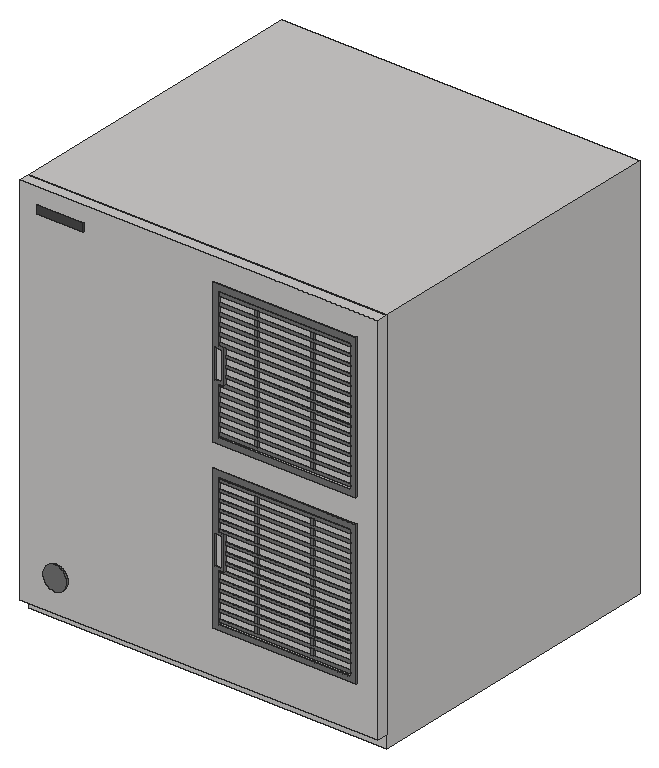
Revit family "QF_MACOM_KM-550MAJ", category Specialty Equipment, Revit 2020
Family settings
  Round Connector Dimension = Use Diameter
  Part Type = Normal
  OmniClass Number = 23.40.40.14.27
  OmniClass Title = Ice Machines
  Work Plane-Based = No
  Always vertical = Yes
  Cut with Voids When Loaded = No
  Shared = No
  Room Calculation Point = No
Parameters (values of type "KM-550MAJ")
  Weight [instance] = 118.00 kg
  Watts [instance] = 2205 W
  Waste Water Discharge Temperature = 0 °C
  Volume = 0.437 m³
  Volts [instance] = 220 V
  URL Recommended Spares List [instance] = ""
  URL Manufacturer [instance] = ""
  URL Cutsheet [instance] = ""
  URL Critical Spares List [instance] = ""
  Storage = "B-362I or B-226I"
  Specification by User [instance] = ""
  Specification by Manufacturer [instance] = ""
  Serial Number [instance] = ""
  Seismic Rating [instance] = ""
  SMACNA No [instance] = ""
  Room Temperature = "0"
  Revision Code [instance] = ""
  Production per Cycle = "960 ice cubes"
  Plumbing Remarks = ""
  Plumbing Connection Type = ""
  Number of Poles = 0
  NAFEM Spec ID Number [instance] = ""
  Model = "KM-550MAJ"
  Min Ckt Ampacity = 0 A
  Max Overcurrent Protection = 0 A
  Item Number [instance] = ""
  Installed By [instance] = ""
  Indirect Waste Size = 3/4"
  Indirect Waste Flow = 0.0 L/s
  Indirect Waste Connection Type = ""
  Indirect Waste Connection Height = 31 mm
  HP = ""
  Furnished By [instance] = ""
  Manufacturer = "MACOM"
  FL Amps = 0 A
  Default Elevation = 0 mm
  Electrical Remarks = ""
  Electric Connection Type = ""
  Elec Conn RI Height = 0 mm
  Description = "MAQUINA DE GELO EM CUBO MACOM, SEM DEPOSITO - 220V 60HZ PL. N"
  Conn Conduit = yes
  Type Comments = ""
  Solid Fuel Type [instance] = ""
  Show Logo [instance] = yes
  Show Clearances [instance] = yes
  Refrigeration Suction Line Size [instance] = 0"
  Refrigeration Liquid Line Size [instance] = 0"
  Refrigeration Evaporation Temperature [instance] = 0 °C
  Refrigeration Energy Efficiency Index [instance] = ""
  Refrigeration Defrost Drain [instance] = yes
  Refrigeration Climate Class [instance] = ""
  Refrigerant Type [instance] = "R404a"
  Refrigerant Mass [instance] = 0
  Refrigerant Flow [instance] = 0.0 L/s
  Refrigerant Compressor Remote [instance] = yes
  Potential Equalisation [instance] = yes
  Phase [instance] = 0
  Operational Current [instance] = 10 A
  Masterspec [instance] = ""
  Length Actual [instance] = 762 mm
  Ingress Protection Code [instance] = ""
  Identify Quantity as Lot [instance] = yes
  Height Actual [instance] = 826 mm
  Gas Connection Height [instance] = 0 mm
  Fuel Type [instance] = ""
  Foodservice Equipment Identifier [instance] = yes
  Elec Conn Connection Height [instance] = 786 mm
  Depth Actual [instance] = 695 mm
  Cycle [instance] = 60 Hz
  Conn Plug [instance] = ""
  Cold Water Temperature Recommended = 0 °C
  Cold Water Size = 1/2"
  Cold Water RI Height = 0 mm
  Cold Water Minimum Pressure = 0.0 Pa
  Cold Water Maximum Pressure = 0.0 Pa
  Cold Water Flow = 0.0 L/s
  Cold Water Consumption = "0"
  Cold Water Connection Height = 775 mm
  CSI MasterFormat [instance] = ""
  CE Approved [instance] = yes
  BTUH [instance] = 15700 Btu/h
  Apparent Power = 0 VA
  Accessory [instance] = yes
Reference planes
  plane 1 "Centro (Frontal/Traseira)": y = 0
  plane 2: z = 0
  plane 3 "Centro (Esquerda/Direita)": x = 0
  plane 4: y = -695
  plane 5: x = 762
Forms (mm)
  Extrusion 1, solid, material "QF_Metal_Stainless Steel"
    sketch origin (0, 0, 0) x (0, 1, 0) y (0, 0, 1)
      loop
        line (0, 826) -> (-671.5, 826) -> (-671.5, 0) -> (0, 0) -> (0, 826)
    from 0 to 762
  Extrusion 2, solid, material "QF_Metal_Stainless Steel"
    sketch origin (0, -671.5, 301.241) x (0, 0, -1) y (1, 0, 0)
      loop
        line (-524.759, 0) -> (275.241, 0) -> (275.241, 762) -> (-524.759, 762) -> (-524.759, 0)
    from 0 to 23.5
  Extrusion 3, solid, material "QF_Finishes_Clearance Wall", detail levels coarse
    sketch origin (0, 0, 826) x (0, -1, 0) y (1, 0, 0)
      loop
        line (695, 762) -> (695, 912) -> (-150, 912) -> (-150, -150) -> (695, -150) -> (695, 0) -> (0, 0) -> (0, 762) -> (695, 762)
    from 0 to -826
  Extrusion 4, solid, material "QF_Finishes_Clearance Wall", detail levels coarse
    sketch origin (0, 0, 826) x (0, -1, 0) y (1, 0, 0)
      loop
        line (-150, -150) -> (695, -150) -> (695, 912) -> (-150, 912) -> (-150, -150)
    from 0 to 150
  Extrusion 5, solid, material "QF_Metal_Stainless Steel"
    sketch origin (0, 0, 291.241) x (0, 0, 1) y (1, 0, 0)
      loop
        circle (494.759, 565) r 9.525
      loop
        circle (483.759, 478) r 6.35
      loop
        circle (-260.241, 132) r 9.525
    from 0 to 6.35
Cuts and joins
  joined: Extrusion 3, Extrusion 4
Lines and regions (mm)
  model lines
    curve 1: line (762, -671.5, 800.6) -> (762, 0, 800.6)
    curve 2: line (762, 0, 800.6) -> (0, 0, 800.6)
    curve 3: line (0, 0, 800.6) -> (0, -671.5, 800.6)
  symbolic lines
    curve 4: line (0, 0, 0) -> (762, 0, 0)
    curve 5: line (0, -695, 0) -> (0, 0, 0)
    curve 6: line (762, -695, 0) -> (0, -695, 0)
    curve 7: line (762, 0, 0) -> (762, -695, 0)
    curve 8: line (0, -671.5, 0) -> (762, -671.5, 0)
Dimensions and locks
  locked: Extrusion 1 sketch curve to Extrusion 1 sketch curve at 671.5
  locked: Extrusion 1 sketch curve to Extrusion 1 sketch curve at 826
  locked: Extrusion 1 to Extrusion 2 sketch curve at 800
  "Depth Actual": plane 1 "Centro (Frontal/Traseira)" to plane 4
  "Height Actual": Extrusion 2 to level
  "Length Actual": Extrusion 2 to plane 3 "Centro (Esquerda/Direita)"
  "Elec Conn Connection Height": level to Extrusion 5 sketch curve
  "Cold Water Connection Height": level to Extrusion 5 sketch curve
  "Indirect Waste Connection Height": level to Extrusion 5 sketch curve
  Extrusion 5 sketch curve to plane 3 "Centro (Esquerda/Direita)" = 132 mm
  Extrusion 5 sketch curve to plane 3 "Centro (Esquerda/Direita)" = 478 mm
  Extrusion 5 sketch curve to plane 5 = 197 mm
  aligned and locked: level to plane 2
  aligned and locked: Extrusion 1 sketch curve to plane 1 "Centro (Frontal/Traseira)"
  aligned and locked: Extrusion 1 sketch curve to plane 2
  aligned and locked: Extrusion 2 sketch curve to Extrusion 1  (x2)
  aligned and locked: Extrusion 2 sketch curve to curve 1
  aligned and locked: plane 4 to Extrusion 2
  aligned and locked: curve 4 to curve 2
  aligned and locked: curve 5 to curve 3
  aligned and locked: curve 6 to Extrusion 2
  aligned and locked: curve 7 to Extrusion 2
  aligned and locked: Extrusion 3 to level
  aligned and locked: Extrusion 4 sketch curve to Extrusion 3  (x3)
  aligned and locked: Extrusion 4 sketch curve to plane 4
  aligned and locked: plane 5 to curve 1
Automatic sketch dimensions
  curve 8 to plane 4 = 23.5 mm
  curve 1 to Extrusion 1 = 0 mm  (x2)
  curve 1 to Extrusion 1 = 25.4 mm
  curve 2 to Extrusion 1 = 0 mm
  Extrusion 1 to curve 2 = 0 mm
  curve 2 to Extrusion 1 = 25.4 mm
  curve 3 to Extrusion 1 = 0 mm  (x2)
  Extrusion 1 to curve 3 = 25.4 mm
  Extrusion 3 sketch curve to Extrusion 1 = 0 mm  (x3)
  Extrusion 3 sketch curve to Extrusion 1 = 150 mm  (x3)
  Extrusion 3 sketch curve to Extrusion 1 = 23.5 mm  (x2)
  radius of Extrusion 5 sketch curve = 9.525 mm  (x2)
  radius of Extrusion 5 sketch curve = 6.35 mm
Nested families
  nested 1: "QF_Hoshizaki_Logo_minor" at (-1142.6, 524.2, 70.204), type "QF_Hoshizaki_Logo_minor"
    with Type Mark "", Status "", Specification by User "", Show Logo yes, Serial Number "", Revision Code "", Item Number "", Installed By "", Identify Quantity as Lot yes, Furnished By "", Foodservice Equipment Identifier yes
  nested 2: "QF_LOGO_HOSHIZAKI 1" at (37, -695, 775.892), type "QF_LOGO_HOSHIZAKI 1"
    with Show Logo yes
  nested 3: "QF_Hoshizaki_Vent" at (563.897, -695, 270.38) x (1, 0, 0) z (0, -1, 0), type "QF_Hoshizaki_Vent"
  nested 4: "QF_Hoshizaki_Vent" at (563.897, -695, 625.98) x (1, 0, 0) z (0, -1, 0), type "QF_Hoshizaki_Vent"
Connectors
  electrical at (565, 6.35, 786), driven by "Volts"
    settings: on Extrusion 5, index 1, voltage 220 V, apparent load 0 VA, apparent load phase1 0 VA, apparent load phase2 0 VA, apparent load phase3 0 VA, power factor 1, load classification "Outro", number of poles 1, system type 30, power factor state 1, is connector primary yes, connector utility no, sub classification motor no, connector description ""
  piping at (478, 6.35, 775), diameter 12.7, driven by "Cold Water Size"
    settings: on Extrusion 5, index 2, connector inside diameter 24", connector length 0 mm, flow factor 0, pipe flow 0.0 L/s, pressure drop 0.0 Pa, fitting loss kfactor 0, connector angle 0.00°, fixture units 0, engagement length 0 mm, angle of deflection 0.00°, flow configuration 0, flow direction 1, fitting loss method 0, system type 7, joint type 0, gender type 0, connector reference index -1, connector utility 0, adjustable connector no, is connector primary yes, connector description ""
  piping at (132, 6.35, 31), diameter 19.05, driven by "Indirect Waste Size"
    settings: on Extrusion 5, index 3, connector inside diameter 24", connector length 0 mm, flow factor 0, pipe flow 0.0 L/s, pressure drop 0.0 Pa, fitting loss kfactor 0, connector angle 0.00°, fixture units 0, engagement length 0 mm, angle of deflection 0.00°, flow configuration 0, flow direction 2, fitting loss method 0, system type 16, joint type 0, gender type 0, connector reference index -1, connector utility 0, adjustable connector no, is connector primary no, connector description ""
Definition of nested family "QF_Hoshizaki_Logo_minor"
  Parameters (values of type "QF_Hoshizaki_Logo_minor")
    Weight in Pounds = 0
    URL Cutsheet = ""
    Type Mark [instance] = ""
    Status [instance] = ""
    Specification by User [instance] = ""
    Specification by Manufacturer = ""
    Show Logo [instance] = yes
    Serial Number [instance] = ""
    Seismic Rating = ""
    SMACNA No = ""
    Revision Code [instance] = ""
    Omniclass Number and Title = ""
    NAFEM Spec ID Number = ""
    MasterSpec. = "11 40 00"
    Item Number [instance] = ""
    Installed By [instance] = ""
    Identify Quantity as Lot [instance] = yes
    Furnished By [instance] = ""
    Foodservice Equipment Identifier [instance] = yes
    Default Elevation = 1219.2 mm
    CSI MasterFormat = "11 40 00"
    Assembly Code = "E1090300"
  Reference planes
    plane 1: z = 0
    plane 2 "Center (Left/Right)": x = 1219.2
    plane 3 "Center (Front/Back)": y = -1219.2
    plane 4: z = 25.4
    plane 5 "L": x = 1193.8
    plane 6 "R": x = 1244.6
  Forms (mm)
    Extrusion 1, solid, visible <- "Show Logo"
      sketch origin (1267.55, -1219.2, 88.736) x (0, 0, -1) y (1, 0, 0)
        loop
          circle (63.336, -48.35) r 25.4
      from 0 to 3.175
  Lines and regions (mm)
    Split face 1
      outline origin (1267.55, -1222.375, 88.736) x (0, 0, -1) y (1, 0, 0)
        loop
          line (74.868, -35.556) -> (60.879, -36.703) -> (55.307, -45.687)
          arc (55.307, -45.687) -> (64.924, -42.365) -> (74.868, -44.516) r 18.88
          line (74.868, -44.516) -> (74.868, -35.556)
    Split face 2
      outline origin (1267.55, -1222.375, 88.736) x (0, 0, -1) y (1, 0, 0)
        loop
          line (62.494, -52.958) -> (58.526, -58.861) -> (61.435, -63.061) -> (63.114, -63.449) -> (68.567, -63.449) -> (74.493, -61.168) -> (77.47, -55.814) -> (74.868, -55.814) -> (62.494, -52.958)
    Split face 3
      outline origin (1267.55, -1222.375, 88.736) x (0, 0, -1) y (1, 0, 0)
        loop
          line (77.268, -44.516) -> (76.58, -45.539) -> (77.552, -47.223) -> (76.427, -47.872) -> (76.925, -49.166) -> (78.325, -49.489) -> (78.325, -44.516) -> (77.268, -44.516)
    Split face 4
      outline origin (1267.55, -1222.375, 88.736) x (0, 0, -1) y (1, 0, 0)
        loop
          line (77.47, -55.814) -> (70.252, -49.758) -> (72.168, -48.652) -> (71.424, -45.877) -> (70.362, -44.814) -> (65.564, -47.584) -> (60.879, -47.584) -> (56.481, -50.123) -> (55.306, -51.298) -> (55.306, -45.687) -> (51.858, -44.891) -> (50.298, -46.451) -> (49.289, -47.46) -> (49.289, -49.006) -> (50.134, -50.469) -> (52.623, -52.958) -> (56.804, -52.958) -> (62.494, -52.958)
    Split face 5
      outline origin (1267.55, -1222.375, 88.736) x (0, 0, -1) y (1, 0, 0)
        loop
          line (77.47, -55.814) -> (76.925, -49.166)
        loop
          arc (76.58, -45.539) -> (75.738, -45.005) -> (74.868, -44.516) r 18.875
    Split face 6
      outline origin (1267.55, -1222.375, 88.736) x (0, 0, -1) y (1, 0, 0)
        loop
          circle (63.336, -48.35) r 20.267
  Dimensions and locks
    aligned and locked: level to plane 1
Definition of nested family "QF_LOGO_HOSHIZAKI 1"
  Parameters (values of type "QF_LOGO_HOSHIZAKI 1")
    Show Logo [instance] = yes
    Default Elevation = 0 mm
  Reference planes
    plane 1 "Center (Front/Back)": y = 0
    plane 2: z = 0
    plane 3 "Center (Left/Right)": x = 0
  Forms (mm)
    Extrusion 1, solid, visible <- "Show Logo"
      sketch origin (407.985, 0, -1855.675) x (1, 0, 0) y (0, 0, 1)
        loop
          line (-407.985, 1872.468) -> (-407.985, 1855.675) -> (-309.899, 1855.675) -> (-309.899, 1872.468) -> (-407.985, 1872.468)
      from 0 to 1.588
    Extrusion 2, solid, not visible
      sketch origin (3085.008, -419.1, 126.552) x (1, 0, 0) y (0, 0, 1)
        loop
          line (640.109, 911.847) -> (640.109, 862.748) -> (786.227, 862.748) -> (786.227, 911.847) -> (640.109, 911.847)
      from 800.1 to 801.182
    Extrusion 3, solid, not visible
      sketch origin (3085.008, -419.1, 126.552) x (1, 0, 0) y (0, 0, 1)
        loop
          line (679.163, 887.85) -> (676.019, 876.116) -> (686.765, 876.116)
          arc (686.765, 876.116) -> (689.132, 876.931) -> (690.495, 879.03) r 3.844
          arc (690.495, 879.03) -> (690.981, 880.907) -> (691.499, 882.775) r 111.081
          arc (691.499, 882.775) -> (691.758, 884.368) -> (691.499, 885.962) r 5.014
          arc (691.499, 885.962) -> (690.435, 887.369) -> (688.737, 887.85) r 2.772
          line (688.737, 887.85) -> (679.163, 887.85)
        loop
          line (683.311, 884.082) -> (681.9, 878.815) -> (683.985, 878.815)
          arc (683.985, 878.815) -> (685.344, 879.31) -> (686.067, 880.562) r 2.114
          line (686.067, 880.562) -> (686.409, 882.504)
          arc (686.409, 882.504) -> (686.179, 883.527) -> (685.288, 884.082) r 1.36
          line (685.288, 884.082) -> (683.311, 884.082)
        loop
          line (697.315, 880.397) -> (705.163, 880.397) -> (705.83, 882.373)
          arc (705.83, 882.373) -> (705.81, 884.438) -> (704.369, 885.917) r 2.775
          arc (704.369, 885.917) -> (703.131, 886.318) -> (701.837, 886.453) r 6.247
          line (701.837, 886.453) -> (697.664, 886.453)
          arc (697.664, 886.453) -> (696.133, 885.971) -> (694.779, 885.108) r 6.149
          arc (694.779, 885.108) -> (693.158, 882.996) -> (692.582, 880.397) r 6.149
          line (692.582, 880.397) -> (692.582, 877.437)
          arc (692.582, 877.437) -> (693.831, 876.188) -> (695.537, 875.731) r 3.412
          line (695.537, 875.731) -> (700.8, 875.731)
          arc (700.8, 875.731) -> (701.919, 875.863) -> (702.976, 876.252) r 4.807
          line (702.976, 876.252) -> (704.368, 879.237)
          arc (704.368, 879.237) -> (703.187, 878.73) -> (701.946, 878.396) r 8.986
          arc (701.946, 878.396) -> (699.995, 878.067) -> (698.044, 878.396) r 5.947
          arc (698.044, 878.396) -> (697.101, 879.186) -> (697.315, 880.397) r 1.229
        loop
          line (698.099, 882.153) -> (701.551, 882.153) -> (701.706, 883.03)
          arc (701.706, 883.03) -> (700.776, 883.982) -> (699.45, 884.082) r 1.885
          arc (699.45, 884.082) -> (698.436, 883.354) -> (698.099, 882.153) r 1.885
        loop
          line (709.07, 888.383) -> (705.783, 876.116) -> (710.856, 876.116) -> (714.143, 888.383) -> (709.07, 888.383)
        loop
          line (714.674, 880.397) -> (713.424, 875.731) -> (718.092, 875.731) -> (719.342, 880.397) -> (722.293, 880.397) -> (723.385, 883.631) -> (720.476, 883.631)
          arc (720.476, 883.631) -> (720.276, 884.339) -> (720.578, 885.009) r 1.075
          arc (720.578, 885.009) -> (722.147, 885.576) -> (723.803, 885.364) r 3.553
          line (723.803, 885.364) -> (724.8, 888.318)
          arc (724.8, 888.318) -> (721.29, 888.77) -> (717.78, 888.318) r 13.855
          arc (717.78, 888.318) -> (716.496, 886.966) -> (715.822, 885.227) r 4.811
          line (715.822, 885.227) -> (715.541, 883.631) -> (714.095, 883.631) -> (713.228, 880.397) -> (714.674, 880.397)
        loop
          arc (730.211, 886.398) -> (727.934, 886.087) -> (725.658, 886.398) r 8.498
          line (725.658, 886.398) -> (722.8, 875.731) -> (727.353, 875.731) -> (730.211, 886.398)
        loop
          arc (726.541, 889.303) -> (725.855, 888.282) -> (726.541, 887.26) r 1.104
          line (726.541, 887.26) -> (730.442, 887.26)
          arc (730.442, 887.26) -> (731.176, 888.158) -> (730.989, 889.303) r 1.412
          line (730.989, 889.303) -> (726.541, 889.303)
        loop
          line (735.415, 880.397) -> (743.263, 880.397) -> (743.93, 882.373)
          arc (743.93, 882.373) -> (743.91, 884.438) -> (742.469, 885.917) r 2.775
          arc (742.469, 885.917) -> (741.231, 886.318) -> (739.937, 886.453) r 6.247
          line (739.937, 886.453) -> (735.764, 886.453)
          arc (735.764, 886.453) -> (734.233, 885.971) -> (732.879, 885.108) r 6.149
          arc (732.879, 885.108) -> (731.258, 882.996) -> (730.682, 880.397) r 6.149
          line (730.682, 880.397) -> (730.682, 877.437)
          arc (730.682, 877.437) -> (731.931, 876.188) -> (733.637, 875.731) r 3.412
          line (733.637, 875.731) -> (738.9, 875.731)
          arc (738.9, 875.731) -> (740.019, 875.863) -> (741.076, 876.252) r 4.807
          line (741.076, 876.252) -> (742.468, 879.237)
          arc (742.468, 879.237) -> (741.287, 878.73) -> (740.046, 878.396) r 8.986
          arc (740.046, 878.396) -> (738.095, 878.067) -> (736.144, 878.396) r 5.947
          arc (736.144, 878.396) -> (735.201, 879.186) -> (735.415, 880.397) r 1.229
        loop
          line (736.199, 882.153) -> (739.651, 882.153) -> (739.806, 883.03)
          arc (739.806, 883.03) -> (738.876, 883.982) -> (737.55, 884.082) r 1.885
          arc (737.55, 884.082) -> (736.536, 883.354) -> (736.199, 882.153) r 1.885
        loop
          line (747.17, 888.383) -> (743.883, 876.116) -> (748.956, 876.116) -> (752.243, 888.383) -> (747.17, 888.383)
        loop
          line (761.958, 888.383) -> (760.779, 883.981)
          arc (760.779, 883.981) -> (760.596, 885.369) -> (759.486, 886.221) r 1.829
          arc (759.486, 886.221) -> (756.926, 886.445) -> (754.444, 885.78) r 7.399
          arc (754.444, 885.78) -> (752.299, 883.036) -> (751.576, 879.629) r 7.73
          line (751.576, 879.629) -> (751.576, 877.715)
          arc (751.576, 877.715) -> (752.113, 876.418) -> (753.411, 875.88) r 1.835
          line (753.411, 875.88) -> (756.548, 875.88)
          arc (756.548, 875.88) -> (757.899, 876.634) -> (759.08, 877.632) r 8.029
          line (759.08, 877.632) -> (758.674, 876.116) -> (763.517, 876.116) -> (766.804, 888.383) -> (761.958, 888.383)
        loop
          arc (758.072, 882.886) -> (756.774, 881.667) -> (756.347, 879.937) r 3.142
          arc (756.347, 879.937) -> (756.938, 878.815) -> (758.204, 878.75) r 1.281
          arc (758.204, 878.75) -> (759.496, 879.868) -> (760.104, 881.464) r 3.497
          arc (760.104, 881.464) -> (759.514, 882.782) -> (758.072, 882.886) r 1.408
        loop
          line (671.842, 895.798) -> (675.186, 895.798)
          arc (675.186, 895.798) -> (675.759, 896.828) -> (676.18, 897.93) r 8.324
          arc (676.18, 897.93) -> (676.329, 899.158) -> (675.863, 900.304) r 2.462
          arc (675.863, 900.304) -> (674.739, 901.412) -> (673.217, 901.831) r 3.127
          arc (673.217, 901.831) -> (671.616, 901.844) -> (670.015, 901.839) r 146.55
          arc (670.015, 901.839) -> (662.295, 899.902) -> (655.585, 895.623) r 24.827
          line (655.585, 895.623) -> (656.824, 895.623)
          arc (656.824, 895.623) -> (662.557, 898.998) -> (669.026, 900.553) r 22.56
          arc (669.026, 900.553) -> (670.923, 900.224) -> (672.406, 898.995) r 3.746
          arc (672.406, 898.995) -> (672.602, 897.312) -> (671.842, 895.798) r 2.956
        loop
          arc (669.395, 893.532) -> (665.373, 890.41) -> (660.649, 888.51) r 18.403
          arc (660.649, 888.51) -> (657.951, 887.877) -> (655.183, 887.994) r 10.211
          arc (655.183, 887.994) -> (653.479, 888.7) -> (652.773, 890.404) r 2.41
          arc (652.773, 890.404) -> (653.254, 892.208) -> (654.57, 893.532) r 3.619
          line (654.57, 893.532) -> (653.711, 893.762)
          arc (653.711, 893.762) -> (652.178, 891.509) -> (651.999, 888.789) r 5.19
          arc (651.999, 888.789) -> (653.147, 887.037) -> (655.186, 886.558) r 2.823
          arc (655.186, 886.558) -> (658.158, 886.436) -> (661.09, 886.933) r 14.261
          arc (661.09, 886.933) -> (667.429, 889.533) -> (672.994, 893.532) r 29.383
          line (672.994, 893.532) -> (669.395, 893.532)
      from 801.182 to 801.693
  Lines and regions (mm)
    Split face 1
      outline origin (407.985, -1.588, -1855.675) x (1, 0, 0) y (0, 0, 1)
        loop
          line (-403.435, 1860.08) -> (-400.94, 1860.08) -> (-400.94, 1863.356) -> (-397.041, 1863.356) -> (-397.041, 1860.08) -> (-394.545, 1860.08) -> (-394.545, 1868.659) -> (-397.041, 1868.659) -> (-397.041, 1865.383) -> (-400.94, 1865.383) -> (-400.94, 1868.659) -> (-403.435, 1868.659) -> (-403.435, 1860.08)
    Split face 2
      outline origin (407.985, -1.588, -1855.675) x (1, 0, 0) y (0, 0, 1)
        loop
          spline (-387.534, 1859.861) -> (-386.35, 1860.011) -> (-385.247, 1860.45) -> (-384.3, 1861.149) -> (-383.573, 1862.06) -> (-383.116, 1863.121) -> (-382.96, 1864.26) -> (-383.116, 1865.398) -> (-383.573, 1866.459) -> (-384.3, 1867.37) -> (-385.247, 1868.069) -> (-386.35, 1868.509) -> (-387.534, 1868.659)
          spline (-387.534, 1868.659) -> (-388.717, 1868.509) -> (-389.821, 1868.069) -> (-390.768, 1867.37) -> (-391.495, 1866.459) -> (-391.952, 1865.398) -> (-392.107, 1864.26) -> (-391.952, 1863.121) -> (-391.495, 1862.06) -> (-390.768, 1861.149) -> (-389.821, 1860.45) -> (-388.717, 1860.011) -> (-387.534, 1859.861)
    Split face 3
      outline origin (407.985, -1.588, -1855.675) x (1, 0, 0) y (0, 0, 1)
        loop
          spline (-387.675, 1860.426) -> (-386.939, 1860.556) -> (-386.253, 1860.939) -> (-385.664, 1861.549) -> (-385.212, 1862.343) -> (-384.928, 1863.267) -> (-384.831, 1864.26) -> (-384.928, 1865.252) -> (-385.212, 1866.177) -> (-385.664, 1866.971) -> (-386.253, 1867.58) -> (-386.939, 1867.963) -> (-387.675, 1868.094)
          spline (-387.675, 1868.094) -> (-388.411, 1867.963) -> (-389.096, 1867.58) -> (-389.685, 1866.971) -> (-390.137, 1866.177) -> (-390.421, 1865.252) -> (-390.518, 1864.26) -> (-390.421, 1863.267) -> (-390.137, 1862.343) -> (-389.685, 1861.549) -> (-389.096, 1860.939) -> (-388.411, 1860.556) -> (-387.675, 1860.426)
    Split face 4
      outline origin (407.985, -1.588, -1855.675) x (1, 0, 0) y (0, 0, 1)
        loop
          line (-372.857, 1868.659) -> (-373.719, 1868.659)
          arc (-373.719, 1868.659) -> (-378.183, 1869.275) -> (-381.268, 1865.99) r 4.908
          arc (-381.268, 1865.99) -> (-379.272, 1863.926) -> (-376.458, 1863.356) r 4.836
          arc (-376.458, 1863.356) -> (-374.82, 1863.105) -> (-374.569, 1861.467) r 1.4
          arc (-374.569, 1861.467) -> (-377.678, 1860.946) -> (-380.422, 1862.499) r 4.718
          line (-380.422, 1862.499) -> (-380.848, 1860.08) -> (-379.222, 1860.08)
          arc (-379.222, 1860.08) -> (-376.789, 1859.798) -> (-374.357, 1860.08) r 10.636
          arc (-374.357, 1860.08) -> (-372.63, 1862.259) -> (-374.357, 1864.438) r 2.238
          arc (-374.357, 1864.438) -> (-377.313, 1864.72) -> (-379.534, 1866.691) r 4.787
          arc (-379.534, 1866.691) -> (-375.989, 1868.167) -> (-372.857, 1865.946) r 3.963
          line (-372.857, 1865.946) -> (-372.857, 1868.659)
    Split face 5
      outline origin (407.985, -1.588, -1855.675) x (1, 0, 0) y (0, 0, 1)
        loop
          line (-370.597, 1860.08) -> (-368.102, 1860.08) -> (-368.102, 1863.356) -> (-364.203, 1863.356) -> (-364.203, 1860.08) -> (-361.707, 1860.08) -> (-361.707, 1868.659) -> (-364.203, 1868.659) -> (-364.203, 1865.383) -> (-368.102, 1865.383) -> (-368.102, 1868.659) -> (-370.597, 1868.659) -> (-370.597, 1860.08)
    Split face 6
      outline origin (407.985, -1.588, -1855.675) x (1, 0, 0) y (0, 0, 1)
        loop
          line (-355.357, 1860.08) -> (-355.357, 1868.659) -> (-357.853, 1868.659) -> (-357.853, 1860.08) -> (-355.357, 1860.08)
    Split face 7
      outline origin (407.985, -1.588, -1855.675) x (1, 0, 0) y (0, 0, 1)
        loop
          line (-352.268, 1865.383) -> (-350.513, 1865.383) -> (-350.513, 1868.049) -> (-346.614, 1868.049) -> (-346.614, 1867.064) -> (-352.268, 1861.41) -> (-352.268, 1860.08) -> (-343.455, 1860.08) -> (-343.455, 1863.356) -> (-345.093, 1863.356) -> (-345.093, 1861.41) -> (-349.616, 1861.41) -> (-343.455, 1867.571) -> (-343.455, 1868.659) -> (-352.268, 1868.659) -> (-352.268, 1865.383)
    Split face 8
      outline origin (407.985, -1.588, -1855.675) x (1, 0, 0) y (0, 0, 1)
        loop
          line (-341.623, 1860.195) -> (-337.662, 1860.195) -> (-339.188, 1861.007) -> (-338.543, 1862.777) -> (-335.356, 1862.777) -> (-334.588, 1861.13) -> (-335.839, 1860.08) -> (-331.172, 1860.08) -> (-335.172, 1868.659) -> (-337.123, 1868.659) -> (-341.623, 1860.195)
    Split face 9
      outline origin (407.985, -1.588, -1855.675) x (1, 0, 0) y (0, 0, 1)
        loop
          line (-338.126, 1863.924) -> (-336.002, 1863.924) -> (-337.195, 1866.482) -> (-338.126, 1863.924)
    Split face 10
      outline origin (407.985, -1.588, -1855.675) x (1, 0, 0) y (0, 0, 1)
        loop
          line (-328.95, 1868.659) -> (-328.95, 1860.08) -> (-325.943, 1860.08) -> (-327.194, 1861.571) -> (-325.691, 1863.362) -> (-322.978, 1861.085) -> (-323.867, 1860.195) -> (-319.292, 1860.195) -> (-323.944, 1864.847) -> (-320.132, 1868.659) -> (-324.619, 1868.659) -> (-323.655, 1867.51) -> (-326.84, 1864.326) -> (-326.84, 1867.632) -> (-325.813, 1868.659) -> (-328.95, 1868.659)
    Split face 11
      outline origin (407.985, -1.588, -1855.675) x (1, 0, 0) y (0, 0, 1)
        loop
          line (-314.03, 1860.08) -> (-314.03, 1868.659) -> (-316.525, 1868.659) -> (-316.525, 1860.08) -> (-314.03, 1860.08)
  Dimensions and locks
    locked: Extrusion 1 sketch curve to Extrusion 1 sketch curve at 16.794
    aligned and locked: level to plane 2
Definition of nested family "QF_Hoshizaki_Vent"
  Parameters (values of type "QF_Hoshizaki_Vent")
    Width = 304.8 mm
    Weight in Pounds = 0
    URL Cutsheet = ""
    Type Mark = ""
    Status = ""
    Specification by User = ""
    Specification by Manufacturer = ""
    Serial Number = ""
    Seismic Rating = ""
    SMACNA No = ""
    Revision Code = ""
    Omniclass Number and Title = ""
    NAFEM Spec ID Number = ""
    Model = "-"
    Masterspec = ""
    Manufacturer = "-"
    Item Number = ""
    Installed By = ""
    Identify Quantity as Lot = yes
    Height = 304.8 mm
    Furnished By = ""
    Foodservice Equipment Identifier = yes
    Description = "-"
    Depth = 0 mm
    Default Elevation = 1219.2 mm
    CSI MasterFormat = "11 40 00"
    Assembly Code = "E1090300"
  Reference planes
    plane 1 "Center (Front/Back)": y = 0
    plane 2: z = 0
    plane 3 "Center (Left/Right)": x = 0
    plane 4: y = 152.4
    plane 5: x = -152.4
    plane 6: y = -152.4
    plane 7: x = 152.4
  Forms (mm)
    Extrusion 1, solid
      sketch origin (0, 0, 0) x (1, 0, 0) y (0, 1, 0)
        loop
          line (-152.4, 152.4) -> (-152.4, -152.4) -> (152.4, -152.4) -> (152.4, 152.4) -> (-152.4, 152.4)
        loop
          line (-127, -36.865) -> (-139.7, -36.865) -> (-139.7, -141.483) -> (141.288, -141.483) -> (141.288, 139.7) -> (-139.7, 139.7) -> (-139.7, 35.082) -> (-127, 35.082) -> (-127, -36.865)
        loop
          line (-131.902, -31.963) -> (-131.902, 30.18) -> (-147.451, 30.18) -> (-147.451, -31.963) -> (-131.902, -31.963)
      from 0 to 3.175
    Extrusion 2, solid
      sketch origin (0, 0, 0) x (1, 0, 0) y (0, 1, 0)
        loop
          line (-139.7, 98.582) -> (-139.7, 92.232) -> (141.288, 92.232) -> (141.288, 98.582) -> (-139.7, 98.582)
        loop
          line (-139.7, 79.532) -> (-139.7, 73.182) -> (141.288, 73.182) -> (141.288, 79.532) -> (-139.7, 79.532)
        loop
          line (-139.7, 35.082) -> (141.288, 35.082) -> (141.288, 41.432) -> (-139.7, 41.432) -> (-139.7, 35.082)
        loop
          line (-139.7, 54.132) -> (141.288, 54.132) -> (141.288, 60.482) -> (-139.7, 60.482) -> (-139.7, 54.132)
        loop
          line (-139.7, 136.682) -> (-139.7, 130.332) -> (141.288, 130.332) -> (141.288, 136.682) -> (-139.7, 136.682)
        loop
          line (-139.7, 111.282) -> (141.288, 111.282) -> (141.288, 117.632) -> (-139.7, 117.632) -> (-139.7, 111.282)
      from 0 to 2.032
    Extrusion 3, solid
      sketch origin (0, -0.891, 0) x (1, 0, 0) y (0, 1, 0)
        loop
          line (-127, -3.175) -> (141.515, -3.175) -> (141.515, 3.175) -> (-127, 3.175) -> (-127, -3.175)
        loop
          line (-127, 15.875) -> (141.515, 15.875) -> (141.515, 22.225) -> (-127, 22.225) -> (-127, 15.875)
        loop
          line (-127, -15.875) -> (-127, -22.225) -> (141.515, -22.225) -> (141.515, -15.875) -> (-127, -15.875)
      from 0 to 2.032
    Extrusion 4, solid
      sketch origin (-9.976, 0, 0) x (1, 0, 0) y (0, 1, 0)
        loop
          line (-53.182, 92.232) -> (-53.182, 79.532) -> (-46.832, 79.532) -> (-46.832, 92.232) -> (-53.182, 92.232)
        loop
          line (66.783, 92.232) -> (66.783, 79.532) -> (73.133, 79.532) -> (73.133, 92.232) -> (66.783, 92.232)
        loop
          line (-53.182, 73.182) -> (-53.182, 60.482) -> (-46.832, 60.482) -> (-46.832, 73.182) -> (-53.182, 73.182)
        loop
          line (66.783, 73.182) -> (66.783, 60.482) -> (73.133, 60.482) -> (73.133, 73.182) -> (66.783, 73.182)
        loop
          line (-53.182, 54.132) -> (-53.182, 41.432) -> (-46.832, 41.432) -> (-46.832, 54.132) -> (-53.182, 54.132)
        loop
          line (66.783, 54.132) -> (66.783, 41.432) -> (73.133, 41.432) -> (73.133, 54.132) -> (66.783, 54.132)
        loop
          line (-53.182, 35.082) -> (-53.182, 21.334) -> (-46.832, 21.334) -> (-46.832, 35.082) -> (-53.182, 35.082)
        loop
          line (66.783, 35.082) -> (66.783, 21.334) -> (73.133, 21.334) -> (73.133, 35.082) -> (66.783, 35.082)
        loop
          line (-53.182, 14.984) -> (-53.182, 2.284) -> (-46.832, 2.284) -> (-46.832, 14.984) -> (-53.182, 14.984)
        loop
          line (66.783, 14.984) -> (66.783, 2.284) -> (73.133, 2.284) -> (73.133, 14.984) -> (66.783, 14.984)
        loop
          line (-53.182, -4.066) -> (-53.182, -16.766) -> (-46.832, -16.766) -> (-46.832, -4.066) -> (-53.182, -4.066)
        loop
          line (66.783, -4.066) -> (66.783, -16.766) -> (73.133, -16.766) -> (73.133, -4.066) -> (66.783, -4.066)
        loop
          line (-53.182, -23.116) -> (-53.182, -35.082) -> (-46.832, -35.082) -> (-46.832, -23.116) -> (-53.182, -23.116)
        loop
          line (66.783, -23.116) -> (66.783, -35.082) -> (73.133, -35.082) -> (73.133, -23.116) -> (66.783, -23.116)
        loop
          line (-53.182, 111.282) -> (-53.182, 98.582) -> (-46.832, 98.582) -> (-46.832, 111.282) -> (-53.182, 111.282)
        loop
          line (66.783, 111.282) -> (66.783, 98.582) -> (73.133, 98.582) -> (73.133, 111.282) -> (66.783, 111.282)
        loop
          line (-53.182, 130.332) -> (-53.182, 117.632) -> (-46.832, 117.632) -> (-46.832, 130.332) -> (-53.182, 130.332)
        loop
          line (66.783, 130.332) -> (66.783, 117.632) -> (73.133, 117.632) -> (73.133, 130.332) -> (66.783, 130.332)
        loop
          line (-53.182, -92.232) -> (-46.832, -92.232) -> (-46.832, -79.532) -> (-53.182, -79.532) -> (-53.182, -92.232)
        loop
          line (66.783, -92.232) -> (73.133, -92.232) -> (73.133, -79.532) -> (66.783, -79.532) -> (66.783, -92.232)
        loop
          line (-53.182, -73.182) -> (-46.832, -73.182) -> (-46.832, -60.482) -> (-53.182, -60.482) -> (-53.182, -73.182)
        loop
          line (66.783, -73.182) -> (73.133, -73.182) -> (73.133, -60.482) -> (66.783, -60.482) -> (66.783, -73.182)
        loop
          line (-53.182, -54.132) -> (-46.832, -54.132) -> (-46.832, -41.432) -> (-53.182, -41.432) -> (-53.182, -54.132)
        loop
          line (66.783, -54.132) -> (73.133, -54.132) -> (73.133, -41.432) -> (66.783, -41.432) -> (66.783, -54.132)
        loop
          line (-53.182, -111.282) -> (-46.832, -111.282) -> (-46.832, -98.582) -> (-53.182, -98.582) -> (-53.182, -111.282)
        loop
          line (66.783, -111.282) -> (73.133, -111.282) -> (73.133, -98.582) -> (66.783, -98.582) -> (66.783, -111.282)
        loop
          line (-53.182, -130.332) -> (-46.832, -130.332) -> (-46.832, -117.632) -> (-53.182, -117.632) -> (-53.182, -130.332)
        loop
          line (66.783, -130.332) -> (73.133, -130.332) -> (73.133, -117.632) -> (66.783, -117.632) -> (66.783, -130.332)
      from 0 to 2.032
    Extrusion 5, solid
      sketch origin (0, 0, 0) x (1, 0, 0) y (0, 1, 0)
        loop
          line (-139.7, -98.582) -> (141.288, -98.582) -> (141.288, -92.232) -> (-139.7, -92.232) -> (-139.7, -98.582)
        loop
          line (-139.7, -79.532) -> (141.288, -79.532) -> (141.288, -73.182) -> (-139.7, -73.182) -> (-139.7, -79.532)
        loop
          line (-139.7, -35.082) -> (-139.7, -41.432) -> (141.288, -41.432) -> (141.288, -35.082) -> (-139.7, -35.082)
        loop
          line (-139.7, -54.132) -> (-139.7, -60.482) -> (141.288, -60.482) -> (141.288, -54.132) -> (-139.7, -54.132)
        loop
          line (-139.7, -136.682) -> (141.288, -136.682) -> (141.288, -130.332) -> (-139.7, -130.332) -> (-139.7, -136.682)
        loop
          line (-139.7, -111.282) -> (-139.7, -117.632) -> (141.288, -117.632) -> (141.288, -111.282) -> (-139.7, -111.282)
      from 0 to 2.032
  Dimensions and locks
    equal spacing: plane 5, plane 3 "Center (Left/Right)", plane 7
    equal spacing: plane 4, plane 1 "Center (Front/Back)", plane 6
    plane 4 to plane 6 = 304.8 mm
    plane 5 to plane 7 = 304.8 mm
    aligned and locked: plane 2 to level
  Automatic sketch dimensions
    Extrusion 1 sketch curve to plane 5 = 0 mm
    plane 6 to Extrusion 1 sketch curve = 0 mm
    Extrusion 1 sketch curve to plane 7 = 0 mm
    Extrusion 1 sketch curve to plane 4 = 0 mm
    plane 5 to Extrusion 1 sketch curve = 4.949 mm
    plane 5 to Extrusion 1 sketch curve = 12.7 mm
    Extrusion 1 sketch curve to Extrusion 1 sketch curve = 7.751 mm
    Extrusion 1 sketch curve to Extrusion 1 sketch curve = 7.798 mm
    Extrusion 1 sketch curve to Extrusion 1 sketch curve = 4.902 mm  (x3)
    plane 7 to Extrusion 1 sketch curve = 11.113 mm
    Extrusion 1 sketch curve to plane 6 = 10.917 mm
    plane 1 "Center (Front/Back)" to Extrusion 1 sketch curve = 36.865 mm
    Extrusion 1 sketch curve to plane 1 "Center (Front/Back)" = 30.18 mm
    Extrusion 1 sketch curve to plane 4 = 12.7 mm
    plane 5 to Extrusion 2 sketch curve = 12.7 mm  (x4)
    Extrusion 2 sketch curve to Extrusion 2 sketch curve = 0 mm  (x2)
    plane 7 to Extrusion 2 sketch curve = 11.113 mm  (x6)
    Extrusion 2 sketch curve to plane 1 "Center (Front/Back)" = 35.082 mm
    Extrusion 2 sketch curve to Extrusion 2 sketch curve = 6.35 mm  (x6)
    Extrusion 2 sketch curve to Extrusion 2 sketch curve = 12.7 mm  (x5)
    plane 1 "Center (Front/Back)" to Extrusion 3 sketch curve = 4.066 mm
    plane 5 to Extrusion 3 sketch curve = 25.4 mm
    Extrusion 3 sketch curve to Extrusion 3 sketch curve = 0 mm  (x2)
    plane 7 to Extrusion 3 sketch curve = 10.885 mm  (x3)
    Extrusion 3 sketch curve to Extrusion 3 sketch curve = 12.7 mm  (x2)
    Extrusion 3 sketch curve to Extrusion 3 sketch curve = 6.35 mm  (x2)
    Extrusion 3 sketch curve to plane 1 "Center (Front/Back)" = 2.284 mm
    plane 5 to Extrusion 5 sketch curve = 12.7 mm  (x3)
    Extrusion 5 sketch curve to Extrusion 5 sketch curve = 0 mm  (x3)
    plane 7 to Extrusion 5 sketch curve = 11.113 mm  (x6)
    Extrusion 5 sketch curve to plane 6 = 15.718 mm
    Extrusion 5 sketch curve to Extrusion 5 sketch curve = 6.35 mm  (x6)
    Extrusion 5 sketch curve to Extrusion 5 sketch curve = 12.7 mm  (x5)
    Extrusion 4 sketch curve to plane 3 "Center (Left/Right)" = 63.158 mm  (x2)
    Extrusion 4 sketch curve to Extrusion 4 sketch curve = 0 mm  (x29)
    Extrusion 4 sketch curve to plane 1 "Center (Front/Back)" = 2.284 mm  (x2)
    Extrusion 4 sketch curve to Extrusion 4 sketch curve = 6.35 mm  (x46)
    plane 3 "Center (Left/Right)" to Extrusion 4 sketch curve = 56.808 mm  (x3)
    plane 1 "Center (Front/Back)" to Extrusion 4 sketch curve = 4.066 mm  (x2)
    Extrusion 4 sketch curve to Extrusion 4 sketch curve = 12.7 mm  (x24)
    Extrusion 4 sketch curve to Extrusion 4 sketch curve = 11.966 mm  (x2)
    Extrusion 4 sketch curve to Extrusion 4 sketch curve = 13.749 mm  (x2)
